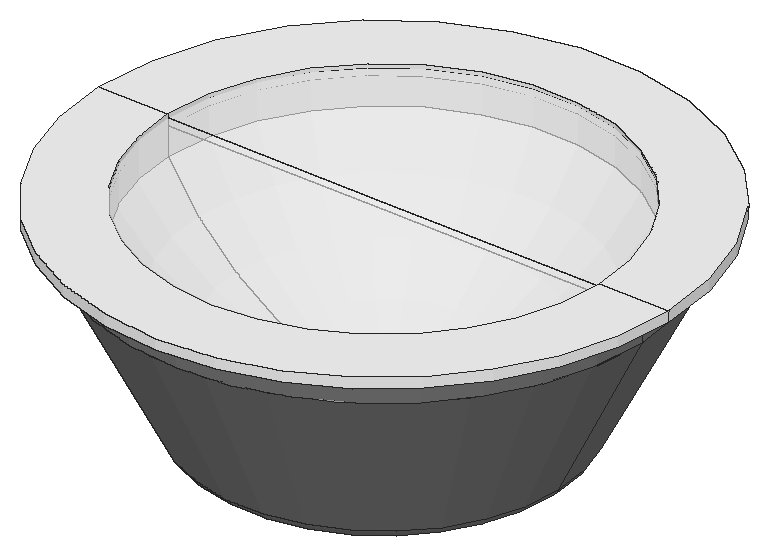
Revit family "30488", category Lighting Fixtures, host Face, Revit 2018
Family settings
  Host = Face
  Round Connector Dimension = Use Diameter
  Part Type = Normal
  OmniClass Number = 23.80.70.00
  OmniClass Title = Lighting
  Cut with Voids When Loaded = No
  Light Source = Yes
  Shared = No
  Room Calculation Point = No
Parameters (values of type "0030488 INSV SLIM UGR19 IP44 SSA01D 205 2350 830")
  WidthBezel_SYL = if(Size1_SYL, 20 mm, if(Size2_SYL, 20 mm, if(Size3PIR_SYL, 30 mm, if(Size4_SYL, 20 mm, 20 mm))))  # 20 mm
  Weight = "n/a"
  Wattage Comments = ""
  Wattage = 9 W
  WarrantyStartDate [instance] = "n/a"
  WarrantyGuarantorParts = "n/a"
  WarrantyDurationUnit = "n/a"
  WarrantyDurationParts = ""
  WarrantyDescription = "http://www.sylvania-lighting.com"
  built-in parameter 1150110 = 1 (stored number, unit not read)
  Voltage = 230 V
  VisibilityPIR_SYL = Size3PIR_SYL  # no
  URL = "0.9"
  TypeName = "INSAVER SLIM UGR19 IP44 SSA01D 205 2350lm 830"
  Type Image = <None>
  Type Comments = "n/a"
  built-in parameter 1114217 = 1 (stored number, unit not read)
  Tilt Angle = -90.00°
  built-in parameter 1150109 = 1 (stored number, unit not read)
  built-in parameter 1150134 = (empty or 0)
  built-in parameter 1150113 = 1 (stored number, unit not read)
  Size4_SYL = no
  Size3PIR_SYL = no
  Size2_SYL = no
  Size1_SYL = yes
  SerialNumber [instance] = "n/a"
  RadiusTop_SYL = 6 mm
  RadiusReflector_SYL = if(Size1_SYL, 85 mm, if(Size2_SYL, 85 mm, if(Size3PIR_SYL, 85 mm, if(Size4_SYL, 100 mm, 120 mm))))  # 85 mm
  Photometric Web File = "0030488.IES"
  Material_3_FEILO = Top-Sylvania-STARTDownlight
  PowerFactor = 0.9
  PowerConsumption = "Lighting"
  NominalLength = 165 mm
  NominalHeight = 50 mm
  NominalDepth = 165 mm
  Name = "INSAVER SLIM UGR19 IP44 SSA01D 205 2350lm 830"
  ModelReference = Name  # "INSAVER SLIM UGR19 IP44 SSA01D 205 2350lm 830"
  ModelNumber = "0030488"
  Model = Name  # "INSAVER SLIM UGR19 IP44 SSA01D 205 2350lm 830"
  Material = "Feilo Sylvania"
  ManufacturerName = "118 lm/W"
  Manufacturer = ""
  LuminousEfficacy = ""
  built-in parameter 1150105 = 83.795 (stored number, unit not read)
  Lumens = 1053 lm
  LuminaireType = "0"
  built-in parameter 1150115 = 1 (stored number, unit not read)
  LightOutputRatio = "LED"
  built-in parameter 1150137 = (empty or 0)
  built-in parameter 1150139 = (empty or 0)
  LampsType = Lamp  # "n/a"
  LampNominalLuminous = "3000 K"
  LampMacAdamStep = "80"
  LampColourTemperature = "LED"
  LampColourRenderingIndex = "16500"
  built-in parameter 1150112 = 1 (stored number, unit not read)
  built-in parameter 1150114 = 1 (stored number, unit not read)
  Lamp = "n/a"
  Keynote = "n/a"
  InstallationDate [instance] = "n/a"
  InputVoltage = "0"
  InputNominalFrequency = "3000"
  built-in parameter 1150132 = (empty or 0)
  built-in parameter 1150102 = (empty or 0)
  built-in parameter 1150107 = 3000 (stored number, unit not read)
  built-in parameter 1150138 = (empty or 0)
  IngressProtection = "IfcLightFixtureType"
  ImpactProtectionIndex = "IfcLightFixtureType"
  built-in parameter 1150106 = 0.83795 (stored number, unit not read)
  IfcExportType = "IfcLightFixtureType"
  IfcExportAs = "Class II"
  Height_SYL = if(Size1_SYL, 61 mm, if(Size2_SYL, 61 mm, if(Size3PIR_SYL, 61 mm, if(Size4_SYL, 61 mm, 60 mm))))  # 61 mm
  HeightBezel_SYL = if(Size1_SYL, 3 mm, if(Size2_SYL, 3 mm, if(Size3PIR_SYL, 3 mm, if(Size4_SYL, 3.2 mm, 3 mm))))  # 3 mm
  ExpectedLife = 50000
  Emit from Circle Diameter = Diameter_SYL - 40 mm  # 125 mm
  Emit Shape Visible in Rendering = no
  ElectricShockClassification = "118"
  built-in parameter 1150104 = 10.87 (stored number, unit not read)
  DurationUnit = "hours"
  DocumentationLiterature = "http://www.sylvania-lighting.com/product/en-int/products/0030488"
  DimmingControlOptions = "n/a"
  Material_2_FEILO = Diffuser-Sylvania-STARTDownlight
  Dimming Lamp Color Temperature Shift = <None>
  Diameter_SYL = if(Size1_SYL, 165 mm, if(Size2_SYL, 190 mm, if(Size3PIR_SYL, 211 mm, if(Size4_SYL, 220 mm, 240 mm))))  # 165 mm
  DiameterTop_SYL = if(Size1_SYL, 98 mm, if(Size2_SYL, 122 mm, if(Size3PIR_SYL, 120 mm, if(Size4_SYL, 135 mm, 158 mm))))  # 98 mm
  DiameterTopBase_SYL = DiameterRecess_SYL  # 150 mm
  DiameterRecess_SYL = if(Size1_SYL, 150 mm, if(Size2_SYL, 170 mm, if(Size3PIR_SYL, 186 mm, if(Size4_SYL, 200 mm, 225 mm))))  # 150 mm
  Description = "Insaver Slim is a ceiling recessed LED downlight (IP44 from the front),Die-cast aluminium body, loop in loop out connector for quick installation, SylSmart Connected SSA , 20W; 2350lm; 118lm/W; 3000K; UGR <19 with shallow product depth 60mm. Meets TP(a) requirements."
  Default Elevation = 1219.2 mm
  CreatedOn = "05/03/2024"
  CreatedBy = "@sylvania-lighting.com"
  Cost = 0
  Color Filter = 16777215
  built-in parameter 1114216 [instance] = (empty or 0)
  ClassificationValue = "EF_70_80"
  ClassificationName = "Uniclass2015"
  Material_1_FEILO = Trim-Sylvania-STARTDownlight-White
  BarCode [instance] = "n/a"
  built-in parameter 1114218 = 1 (stored number, unit not read)
  built-in parameter 1150133 = 10 (stored number, unit not read)
  AssetType = "Fixed"
  AssetIdentifier [instance] = "n/a"
  Assembly Code = "D5020200"
  Apparent Load = 20 VA
  Material_4_FEILO = LED-Sylvania-STARTDownlight
Reference planes
  plane 1 "Center (Front/Back)": y = 0
  plane 2: z = 0
  plane 3 "Center (Left/Right)": x = 0
  plane 4: x = 82.5
  plane 5: x = -82.5
  plane 6: z = 3
  plane 7: z = -8
  plane 8: z = -58
  plane 9: x = -75
  plane 10: x = 75
  plane 11: x = -49
  plane 12: x = 49
  plane 13: z = -85
  plane 14: x = -62.5
  plane 15: z = 2
  plane 16: z = -46
  plane 17: x = -16
  plane 18: x = -67.5
  plane 19: x = -81.5
  plane 20: x = -99.5
  plane 21: x = -76.5
  plane 22: z = 5.5
  plane 23: z = 8.7
  plane 24: x = -75.5
  plane 25: z = 13.7
Forms (mm)
  Revolve 1, void
    sketch origin (0, 0, 0) x (1, 0, 0) y (0, 0, 1)
      loop
        line (0, 0) -> (-75, 0) -> (-75, -85) -> (0, -85) -> (0, 0)
      axis (0, 0) -> (0, -85)
    angle from 360 to 0
  Revolve 2, solid, material "Trim-Sylvania-STARTDownlight-White" <- "Material_1_FEILO"
    sketch origin (0, 0, 0) x (1, 0, 0) y (0, 0, 1)
      loop
        line (-62.5, 3) -> (-82.5, 3) -> (-82.5, 0) -> (-75, 0) -> (-75, -8) -> (-50.681, -54.768)
        arc (-50.681, -54.768) -> (-48.471, -57.129) -> (-45.357, -58) r 6
        line (-45.357, -58) -> (0, -58) -> (0, -46) -> (-16, -46)
        arc (-16, -46) -> (-42.718, -31.243) -> (-62.5, -8) r 85
        line (-62.5, -8) -> (-62.5, 3)
      axis (0, 3) -> (0, -58)
    angle from 360 to 0
  Revolve 3, solid, material "Diffuser-Sylvania-STARTDownlight" <- "Material_2_FEILO"
    sketch origin (0, 0, 0) x (1, 0, 0) y (0, 0, 1)
      loop
        line (-62.5, 0) -> (0, 0) -> (0, 2) -> (-62.5, 2) -> (-62.5, 0)
      axis (0, 2) -> (0, 0)
    angle from 360 to 0
  Revolve 4, solid, material "Trim-Sylvania-STARTDownlight-White" <- "Material_1_FEILO", visible <- "VisibilityPIR_SYL"
    sketch origin (0, 0, 0) x (1, 0, 0) y (0, 0, 1)
      loop
        line (-67.5, 3) -> (-67.5, 13.7)
        arc (-67.5, 13.7) -> (-72.217, 12.347) -> (-75.5, 8.7) r 8.9
        line (-75.5, 8.7) -> (-75.5, 5.5) -> (-76.5, 5.5) -> (-76.5, 3) -> (-67.5, 3)
      axis (-67.5, 13.7) -> (-67.5, 3)
    angle from 360 to 0
Dimensions and locks
  equal spacing: plane 4, plane 3 "Center (Left/Right)", plane 5
  "Diameter_SYL": plane 4 to plane 5
  equal spacing: plane 10, plane 3 "Center (Left/Right)", plane 9
  equal spacing: plane 12, plane 3 "Center (Left/Right)", plane 11
  "DiameterTop_SYL": plane 12 to plane 11
  "HeightBezel_SYL": plane 6 to plane 2
  "Height_SYL": plane 6 to plane 8
  locked: plane 2 to plane 7 at 8
  locked: plane 2 to plane 13 at 85
  "WidthBezel_SYL": plane 14 to plane 5
  locked: plane 6 to plane 15 at 1
  "DiameterRecess_SYL": plane 10 to plane 9
  locked: plane 3 "Center (Left/Right)" to plane 17 at 16
  locked: plane 16 to plane 8 at 12
  locked: plane 18 to plane 21 at 9
  locked: plane 22 to plane 6 at 2.5
  locked: plane 23 to plane 22 at 3.2
  locked: plane 18 to plane 24 at 8
  locked: plane 25 to plane 23 at 5
  locked: plane 25 to Revolve 4 sketch curve at 8.9
  locked: plane 18 to plane 5 at 15
  "RadiusReflector_SYL": radius of Revolve 2 sketch curve
  "RadiusTop_SYL": radius of Revolve 2 sketch curve
  aligned and locked: plane 2 to host face
  aligned and locked: level to host face
  aligned and locked: Revolve 1 sketch curve to plane 3 "Center (Left/Right)"
  aligned and locked: plane 3 "Center (Left/Right)" to Revolve 1 sketch curve
  aligned and locked: Revolve 1 sketch curve to plane 9
  aligned and locked: plane 13 to Revolve 1 sketch curve
  aligned and locked: plane 3 "Center (Left/Right)" to imposter light
  aligned and locked: imposter light to plane 15
  aligned and locked: imposter light to plane 1 "Center (Front/Back)"
  aligned and locked: Revolve 2 sketch curve to plane 3 "Center (Left/Right)"
  aligned and locked: Revolve 2 sketch curve to plane 6
  aligned and locked: Revolve 2 sketch curve to plane 5
  aligned and locked: Revolve 2 sketch curve to level
  aligned and locked: plane 7 to Revolve 2 sketch curve  (x2)
  aligned and locked: Revolve 2 sketch curve to plane 9
  aligned and locked: plane 8 to Revolve 2 sketch curve
  aligned and locked: Revolve 2 sketch curve to plane 14
  aligned and locked: plane 3 "Center (Left/Right)" to Revolve 2 sketch curve
  aligned and locked: Revolve 2 sketch curve to plane 16
  aligned and locked: Revolve 3 sketch curve to plane 3 "Center (Left/Right)"
  aligned and locked: Revolve 3 sketch curve to level
  aligned and locked: imposter light to Revolve 3 sketch curve  (x2)
  aligned and locked: Revolve 4 sketch curve to plane 18  (x2)
  aligned and locked: Revolve 4 sketch curve to plane 6
  aligned and locked: plane 22 to Revolve 4 sketch curve
  aligned and locked: plane 24 to Revolve 4 sketch curve
  aligned and locked: Revolve 4 sketch curve to Revolve 4 sketch curve
  aligned and locked: plane 21 to Revolve 4 sketch curve
Automatic sketch dimensions
  host sketch curve to host sketch curve = 2438.4 mm  (x2)
  plane 13 to Revolve 1 sketch curve = 524.6 mm
  Revolve 1 sketch curve to plane 6 = 2606.058 mm
  Revolve 1 sketch curve to level = 0 mm
  Revolve 2 sketch curve to plane 17 = 0 mm
  Revolve 2 sketch curve to plane 11 = 1.681 mm
  plane 11 to Revolve 2 sketch curve = 3.643 mm
  plane 13 to Revolve 2 sketch curve = 524.6 mm
  Revolve 2 sketch curve to Revolve 2 sketch curve = 2577.983 mm
  Revolve 3 sketch curve to plane 14 = 0 mm
  plane 13 to Revolve 3 sketch curve = 524.6 mm
  Revolve 3 sketch curve to plane 6 = 2606.058 mm
  Revolve 4 sketch curve to plane 23 = 0 mm
  plane 13 to Revolve 4 sketch curve = 524.6 mm
  Revolve 4 sketch curve to Revolve 4 sketch curve = 2595.358 mm
Connectors
  electrical at (0, 0, 0), driven by "Apparent Load", driven by "PowerFactor", driven by "Voltage"
    settings: index 1, voltage 230 V, apparent load 20 VA, apparent load phase1 0 VA, apparent load phase2 0 VA, apparent load phase3 0 VA, power factor 0.9, load classification "Lighting", number of poles 1, system type 30, power factor state 1, is connector primary yes, connector utility no, sub classification motor no, connector description ""
